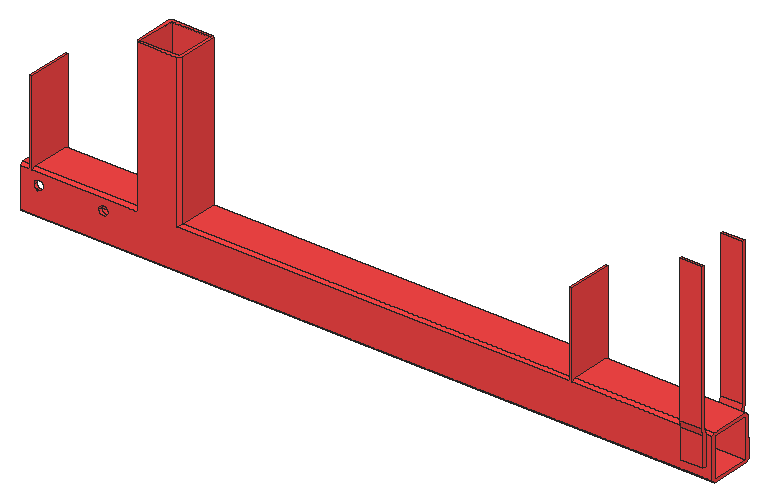
Revit family "051230_Finishing Platform Beam CB", category Generic Models, Revit 2019
Family settings
  Can host rebar = No
  Round Connector Dimension = Use Diameter
  Part Type = Normal
  Work Plane-Based = No
  Always vertical = Yes
  Cut with Voids When Loaded = No
  Shared = No
  Room Calculation Point = No
Parameters
  Vat Lieu = Steel
Reference planes
  plane 1 "Center (Front/Back)": y = 0
  plane 2: z = 0
  plane 3 "Center (Left/Right)": x = 0
  plane 4: z = 1230
  plane 5: z = 998
  plane 6: y = -270
  plane 7: z = 249
  plane 8: y = -150
  plane 9: z = 33
Forms (mm)
  Extrusion 1, solid, material "Steel" <- "Vat Lieu"
    sketch origin (582.629, -59.871, 517.5) x (0, 1, 0) y (0, 0, -1)
      loop
        line (0, 0) -> (0, 70) -> (-70, 70) -> (-70, 0) -> (0, 0)
      loop
        line (-70, 75) -> (-75, 70) -> (-75, 0) -> (-70, -5) -> (0, -5) -> (5, 0) -> (5, 70) -> (0, 75) -> (-70, 75)
    from 0 to 1230
  Extrusion 2, solid, material "Steel" <- "Vat Lieu"
    sketch origin (594.629, -59.871, 517.5) x (0, 1, 0) y (-1, 0, 0)
      loop
        line (-70, 998) -> (-70, 963) -> (0, 963) -> (0, 1033) -> (-70, 1033) -> (-70, 998)
      loop
        line (-70, 1038) -> (-75, 1033) -> (-75, 998) -> (-75, 963) -> (-70, 958) -> (0, 958) -> (5, 963) -> (5, 1033) -> (0, 1038) -> (-70, 1038)
    from 0 to 270
  Extrusion 3, solid, material "Steel" <- "Vat Lieu"
    sketch origin (582.629, -59.871, 517.5) x (0, 1, 0) y (-1, 0, 0)
      loop
        line (-75, 249) -> (5, 249) -> (5, 254) -> (-75, 254) -> (-75, 249)
    from 0 to 150
  Extrusion 4, solid, material "Steel" <- "Vat Lieu"
    sketch origin (-377.371, -129.871, 472.5) x (-1, 0, 0) y (0, -1, 0)
      loop
        line (249, -75) -> (254, -75) -> (254, 5) -> (249, 5) -> (249, -75)
    from 45 to 195
  Extrusion 5, solid, material "Steel" <- "Vat Lieu"
    sketch origin (582.629, -129.871, 712.5) x (0, -1, 0) y (0, 0, 1)
      loop
        line (-78, 75) -> (-83, 75) -> (-83, -183.804) -> (-80, -195) -> (-80, -247.16) -> (-75, -247.16) -> (-75, -195) -> (-78, -183.804) -> (-78, 75)
      loop
        line (8, 75) -> (8, -183.804) -> (5, -195) -> (5, -247.16) -> (10, -247.16) -> (10, -195) -> (13, -183.804) -> (13, 75) -> (8, 75)
    from 12.384 to 51.613
  Extrusion 6, void
    sketch origin (65.129, -129.871, 0) x (1, 0, 0) y (0, 0, 1)
      loop
        circle (-679.081, 497.442) r 8.5
      loop
        circle (-564.081, 497.442) r 8.5
    from -125.671 to 60.929
Cuts and joins
  Extrusion 6 cuts Extrusion 1
  joined: Extrusion 1, Extrusion 2, Extrusion 3, Extrusion 4, Extrusion 5
Dimensions and locks
  aligned and locked: level to plane 2
